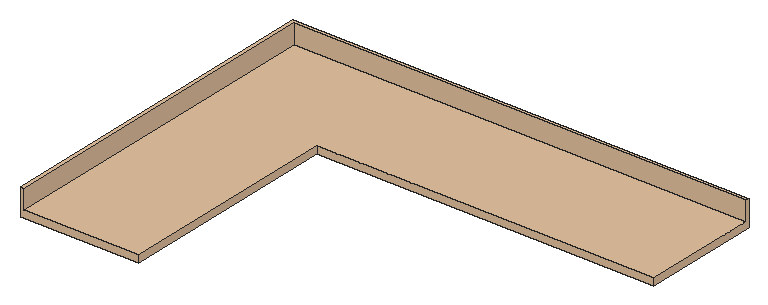
Revit family "a5711221765c4392a4b9967aef556a2d", category Casework, Revit 2021
Family settings
  OmniClass Number = 23.40.35.17.47.11
  OmniClass Title = Kitchen Casework
  Seek Item ID = Counter Top-L Shaped-0000-USA-ENU
  Work Plane-Based = No
  Always vertical = Yes
  Cut with Voids When Loaded = No
  Shared = Yes
  Room Calculation Point = No
Parameters (values of type "24" Depth")
  Default Elevation = 0' - 0"
  Assembly Code = "C1030400"
  Counter Thickness = 0' - 1 1/2"
  Counter Top Material = none
  Depth = 2' - 1"
  Height = 3' - 0"
  Length - Leg 1 [instance] = 8' - 0"
  Length - Leg 2 [instance] = 6' - 0"
Reference planes (in)
  plane 1 "Back": y = 0
  plane 2: z = 0
  plane 3 "Left": x = -47.2623
  plane 4 "Right": x = 48.7377
  plane 5 "Front": y = -25
  plane 6 "Top": z = 36
  plane 7 "Top Of Cabinet": z = 34.5
  plane 8: y = -0.75
  plane 9: z = 40
  plane 10: x = -22.2623
  plane 11: y = -72
  plane 12: x = -46.5123
Forms (in)
  Extrusion 1, solid, material <- "Counter Top Material"
    sketch origin (0, 0, 0) x (1, 0, 0) y (0, 1, 0)
      loop
        line (-47.2623, 0) -> (-47.2623, -72) -> (-22.2623, -72) -> (-22.2623, -25) -> (48.7377, -25) -> (48.7377, 0) -> (-47.2623, 0)
    from 34.5 to 36
  Extrusion 2, solid, material <- "Counter Top Material"
    sketch origin (0, 0, 0) x (1, 0, 0) y (0, 1, 0)
      loop
        line (48.7377, 0) -> (-47.2623, 0) -> (-47.2623, -0.75) -> (48.7377, -0.75) -> (48.7377, 0)
    from 36 to 40
  Extrusion 3, solid, material <- "Counter Top Material"
    sketch origin (0, 0, 0) x (1, 0, 0) y (0, 1, 0)
      loop
        line (-47.2623, -0.75) -> (-47.2623, -72) -> (-46.5123, -72) -> (-46.5123, -0.75) -> (-47.2623, -0.75)
    from 36 to 40
Cuts and joins
  joined: Extrusion 1, Extrusion 2, Extrusion 3
Lines and regions (in)
  Masking region 1
    outline origin (0, 0, 34.5) x (0, -1, 0) y (1, 0, 0)
      loop
        line (0, -47.2623) -> (72, -47.2623) -> (72, -22.2623) -> (25, -22.2623) -> (25, 48.7377) -> (0, 48.7377) -> (0, -47.2623)
  symbolic lines, style "Counter Top"
    curve 1: line (-46.5123, -0.75, 34.5) -> (48.7377, -0.75, 34.5)
    curve 2: line (-46.5123, -72, 34.5) -> (-46.5123, -0.75, 34.5)
Dimensions and locks (in)
  "Depth": plane 5 "Front" to plane 1 "Back"
  "Length - Leg 1": plane 3 "Left" to plane 4 "Right"
  "Height": level to plane 6 "Top"
  "Counter Thickness": plane 7 "Top Of Cabinet" to plane 6 "Top"
  locked: plane 8 to plane 1 "Back" at 0.75
  plane 6 "Top" to plane 9 = 0' - 4"
  "Depth": plane 3 "Left" to plane 10
  "Length - Leg 2": plane 11 to plane 1 "Back"
  locked: plane 3 "Left" to plane 12 at 0.75
  aligned and locked: plane 1 "Back" to Extrusion 1 sketch curve
  aligned and locked: plane 4 "Right" to Extrusion 1 sketch curve
  aligned and locked: Extrusion 1 sketch curve to plane 5 "Front"
  aligned and locked: Extrusion 1 sketch curve to plane 3 "Left"
  aligned and locked: Extrusion 1 to plane 6 "Top"
  aligned and locked: plane 7 "Top Of Cabinet" to Extrusion 1
  aligned and locked: Extrusion 2 sketch curve to plane 1 "Back"
  aligned and locked: plane 8 to Extrusion 2 sketch curve
  aligned and locked: Extrusion 2 sketch curve to plane 4 "Right"
  aligned and locked: plane 3 "Left" to Extrusion 2 sketch curve
  aligned and locked: Extrusion 2 to plane 9
  aligned and locked: plane 6 "Top" to Extrusion 2
  aligned and locked: plane 10 to Extrusion 1 sketch curve
  aligned and locked: plane 11 to Extrusion 1 sketch curve
  aligned and locked: plane 12 to Extrusion 3 sketch curve
  aligned and locked: Extrusion 3 to plane 8
  aligned and locked: plane 3 "Left" to Extrusion 3
  aligned and locked: Extrusion 3 to plane 9
  aligned and locked: plane 6 "Top" to Extrusion 3
  aligned and locked: Masking region 1 sketch curve to plane 3 "Left"
  aligned and locked: plane 1 "Back" to Masking region 1 sketch curve
  aligned and locked: plane 4 "Right" to Masking region 1 sketch curve
  aligned and locked: plane 5 "Front" to Masking region 1 sketch curve
  aligned and locked: Masking region 1 sketch curve to plane 10
  aligned and locked: plane 11 to Masking region 1 sketch curve
Automatic sketch dimensions
  plane 3 "Left" to Extrusion 3 sketch curve = 0' - 0"
  plane 11 to Extrusion 3 sketch curve = 0' - 0"
  plane 1 "Back" to Extrusion 3 sketch curve = 0' - 0 3/4"
  curve 1 to plane 4 "Right" = 0' - 0"
  curve 1 to plane 8 = 0' - 0"
  curve 2 to plane 11 = 0' - 0"
  curve 1 to plane 3 "Left" = 0' - 0 3/4"
